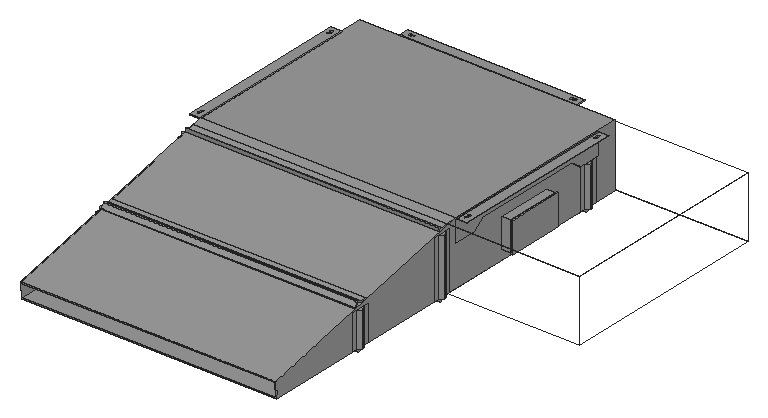
Revit family "Nuaire_IfcFanType_Svtc100", category Mechanical Equipment, Revit 2018
Family settings
  Round Connector Dimension = Use Diameter
  Part Type = Normal
  OmniClass Number = 23.75.00.00
  OmniClass Title = Climate Control (HVAC)
  Work Plane-Based = No
  Always vertical = No
  Cut with Voids When Loaded = No
  Shared = No
  Room Calculation Point = No
Parameters (values of type "SVTC8-100")
  Width = 1185.00 mm  # constant formula
  Weight = 165.00 kg  # constant formula
  Weekly = "SFG20 20-03"  # constant formula
  Warranty ID [instance] = ""
  Voltage = if(Supply Phase = 3, 400.00 V, 230.00 V)  # 400.00 V
  Temperature Rating = "400°C for 2hrs"
  Supply Phase = 3  # constant formula
  Starting Current = 30.16 A
  Revit Family Last Revised = "2021-09-28T09:40:00"  # constant formula
  Responsible Sourcing of Materials = "FSC"  # constant formula
  Responsible Extraction of Materials = "n/a"  # constant formula
  Reference Standard = "ISO 9001:2015"  # constant formula
  Quote Reference [instance] = ""
  Quarterly = "SFG20 20-03"  # constant formula
  Project Reference [instance] = ""
  Product Range = "SVTC"  # constant formula
  Product Literature = "http://www.nuaire.info/catalogue/SmokeFans-SVT.pdf"
  Power Source = "Mains"  # constant formula
  Overall Width = 1254.00 mm  # constant formula
  Overall Length = 1966.00 mm  # constant formula
  Order Reference [instance] = ""
  Operation and Maintenance Manual = "http://nuaire.info/IandM/671711.pdf"
  OmniClass Title = "Single Inlet Centrifugal Fans"  # constant formula
  OmniClass Number = "23-33 31 19 13 15"  # constant formula
  Number of Motor Poles = 4
  Number of Connection Poles = 3  # constant formula
  Nominal Motor Speed (rpm) = 1435
  Nominal Motor Rating = 2.200 kW
  Monthly = "SFG20 20-03"  # constant formula
  Material Ingredient Reporting = "n/a"  # constant formula
  Maintenance Required 8001 to 12000hrs = "http://nuaire.info/IandM/671711.pdf"
  Maintenance Required 601 to 1000hrs = "http://nuaire.info/IandM/671711.pdf"
  Maintenance Required 4001 to 8000hrs = "http://nuaire.info/IandM/671711.pdf"
  Maintenance Required 301 to 600hrs = "http://nuaire.info/IandM/671711.pdf"
  Maintenance Required 2001 to 4000hrs = "http://nuaire.info/IandM/671711.pdf"
  Maintenance Required 1001 to 2000hrs = "http://nuaire.info/IandM/671711.pdf"
  Maintenance Required 0 to 300hrs = "http://nuaire.info/IandM/671711.pdf"
  Location of Manufacturer = "51.571856, -3.232638"  # constant formula
  Location Reference [instance] = ""
  Life Cycle Analysis = 0
  Length = 1916.00 mm  # constant formula
  Show Access Clearance [instance] = yes
  Model Drawn by = "Michael Grote"  # constant formula
  IFCExportType = "CENTRIFUGALBACKWARDINCLINEDCURVED"  # constant formula
  IFCExportAs = "IfcFanType"  # constant formula
  I&M Manual = "http://nuaire.info/IandM/671711.pdf"
  Height = 320.00 mm  # constant formula
  Gross Weight = Weight  # 165.00 kg
  Green Guide for Specification = "n/a"  # constant formula
  Full Load Current = 5.80 A
  URL = "http://www.nuaire.co.uk"
  Warranty Period = "3 Years"  # constant formula
  Weatherproof or Internal Only = "Internal"  # constant formula
  Manufacturer = "Nuaire"  # constant formula
  Frequency = 50.00 Hz  # constant formula
  Fire Control Panel Links = no
  Features = ""
  Expected Life = "n/a"  # constant formula
  Environmental Product Declaration = "WEEE, RoHS"  # constant formula
  Energy Technology List = "n/a"  # constant formula
  Enclosure Rating = "Not Rated"  # constant formula
  Embodied Carbon = "n/a"  # constant formula
  Description = "Car Park Impulse Fan"  # constant formula
  Daily = "SFG20 20-03"  # constant formula
  Classification.Uniclass.Pr.Number = "Centrifugal fans"  # constant formula
  Classification.Uniclass.Pr.Description = "Pr_65_67_29_12"  # constant formula
  Catalogue Pages = "http://www.nuaire.info/catalogue/SmokeFans-SVT.pdf"
  COBie.Type.WarrantyGuarantorParts = Manufacturer  # "Nuaire"
  COBie.Type.WarrantyGuarantorLabor = Manufacturer  # "Nuaire"
  COBie.Type.WarrantyDurationUnit = "Year"  # constant formula
  COBie.Type.WarrantyDurationParts = "3"  # constant formula
  COBie.Type.WarrantyDurationLabor = "1"  # constant formula
  COBie.Type.WarrantyDescription = "3 Years.  1st year parts and labour, remaining 2 years parts only"  # constant formula
  COBie.Type.SustainabilityPerformance = ""
  COBie.Type.Size = ""
  COBie.Type.Shape = ""
  COBie.Type.ReplacementCost = 0
  COBie.Type.NominalWidth = Width  # 1185.00 mm
  COBie.Type.NominalLength = Length  # 1916.00 mm
  COBie.Type.NominalHeight = Height  # 320.00 mm
  COBie.Type.Name = Model  # "SVTC8-100"
  COBie.Type.ModelReference = Model  # "SVTC8-100"
  COBie.Type.ModelNumber = Model  # "SVTC8-100"
  COBie.Type.Material = "Galvanised Steel"  # constant formula
  COBie.Type.Manufacturer = Manufacturer  # "Nuaire"
  COBie.Type.Length = Length  # 1916.00 mm
  COBie.Type.Grade = ""
  COBie.Type.Finish = ""
  COBie.Type.Features = ""
  COBie.Type.ExternalIdentifier = ""
  COBie.Type.ExpectedLife = ""
  COBie.Type.DurationUnit = "Year"  # constant formula
  COBie.Type.Description = Description  # "Car Park Impulse Fan"
  COBie.Type.CreatedOn = Revit Family Last Revised  # "2021-09-28T09:40:00"
  COBie.Type.CreatedBy = Model Drawn by  # "Michael Grote"
  COBie.Type.Constituents = ""
  COBie.Type.Color = ""
  COBie.Type.CodePerformance = ""
  COBie.Type.Category = "Pr_65_67_29_12 : Centrifugal fans"  # constant formula
  COBie.Type.AssetType = ""
  COBie.Type.Area = 0.00 m²
  COBie.Type.AccessibilityPerformance = ""
  COBie.Type = yes
  COBie.ExternalIdentifier [instance] = ""
  COBie.CreatedOn [instance] = Revit Family Last Revised  # "2021-09-28T09:40:00"
  COBie.CreatedBy [instance] = Model Drawn by  # "Michael Grote"
  COBie.Component.WarrantyStartDate [instance] = "Commences on date of delivery"  # constant formula
  COBie.Component.TagNumber [instance] = ""
  COBie.Component.Space [instance] = ""
  COBie.Component.SerialNumber [instance] = ""
  COBie.Component.Name [instance] = Model  # "SVTC8-100"
  COBie.Component.Length [instance] = Length  # 1916.00 mm
  COBie.Component.InstallationDate [instance] = ""
  COBie.Component.Description [instance] = Description  # "Car Park Impulse Fan"
  COBie.Component.BarCode [instance] = ""
  COBie.Component.AssetIdentifier [instance] = ""
  COBie.Component.Area [instance] = 0.00 m²
  COBie [instance] = yes
  CE Approval = "Yes"  # constant formula
  Bespoke Timeframe = "n/a"  # constant formula
  Battery Type = "n/a"  # constant formula
  Battery Supply = no
  BMS Links = no
  Apparent Load = Voltage * Full Load Current  # 2320 VA
  Annually = "SFG20 20-03"  # constant formula
  Air Flow [instance] = 0.000 m³/s
  Address = "Western Industrial Estate, Caerphilly, UK"  # constant formula
  Postcode = "CF83 1NA"  # constant formula
  Telephone Number = "+44(0)2920-858-200"  # constant formula
  Fax Number = "+44(0)2920-858-222"  # constant formula
  Email Address = "bim@nuaire.co.uk"  # constant formula
  Model = "SVTC8-100"
  Access Clearance Left = 600.00 mm  # constant formula
  6 Monthly = "SFG20 20-03"  # constant formula
Types (4, lengths in mm): name | Temperature Rating | Starting Current | Operation and Maintenance Manual | Maintenance Required 8001 to 12000hrs | Maintenance Required 601 to 1000hrs | Maintenance Required 4001 to 8000hrs | Maintenance Required 301 to 600hrs | Maintenance Required 2001 to 4000hrs | Maintenance Required 1001 to 2000hrs | Maintenance Required 0 to 300hrs | I&M Manual | Full Load Current | COBie.Type.Name | COBie.Type.ModelReference | COBie.Type.ModelNumber | COBie.Component.Name | Apparent Load | Air Flow | Model
  SVTC-100 | "300°C for 2hrs" | 30.16 A | "http://nuaire.info/IandM/671635.pdf" | "http://nuaire.info/IandM/671635.pdf" | "http://nuaire.info/IandM/671635.pdf" | "http://nuaire.info/IandM/671635.pdf" | "http://nuaire.info/IandM/671635.pdf" | "http://nuaire.info/IandM/671635.pdf" | "http://nuaire.info/IandM/671635.pdf" | "http://nuaire.info/IandM/671635.pdf" | "http://nuaire.info/IandM/671635.pdf" | 5.80 A | "SVCT-100" | "SVCT-100" | "SVCT-100" | "SVCT-100" | 2320 VA | 0.000 m³/s | "SVCT-100"
  SVTC-100T8 | "300°C for 2hrs" | 30.20 A | "http://nuaire.info/IandM/671635.pdf" | "http://nuaire.info/IandM/671635.pdf" | "http://nuaire.info/IandM/671635.pdf" | "http://nuaire.info/IandM/671635.pdf" | "http://nuaire.info/IandM/671635.pdf" | "http://nuaire.info/IandM/671635.pdf" | "http://nuaire.info/IandM/671635.pdf" | "http://nuaire.info/IandM/671635.pdf" | "http://nuaire.info/IandM/671635.pdf" | 6.03 A | "SVTC-100T8" | "SVTC-100T8" | "SVTC-100T8" | "SVTC-100T8" | 2412 VA | 2.690 m³/s | "SVTC-100T8"
  SVTC8-100T8 | "400°C for 2hrs" | 30.20 A | "http://nuaire.info/IandM/671711.pdf" | "http://nuaire.info/IandM/671711.pdf" | "http://nuaire.info/IandM/671711.pdf" | "http://nuaire.info/IandM/671711.pdf" | "http://nuaire.info/IandM/671711.pdf" | "http://nuaire.info/IandM/671711.pdf" | "http://nuaire.info/IandM/671711.pdf" | "http://nuaire.info/IandM/671711.pdf" | "http://nuaire.info/IandM/671711.pdf" | 6.03 A | "SVTC8-100T8" | "SVTC8-100T8" | "SVTC8-100T8" | "SVTC8-100T8" | 2412 VA | 0.000 m³/s | "SVTC8-100T8"
  SVTC8-100 | "400°C for 2hrs" | 30.16 A | "http://nuaire.info/IandM/671711.pdf" | "http://nuaire.info/IandM/671711.pdf" | "http://nuaire.info/IandM/671711.pdf" | "http://nuaire.info/IandM/671711.pdf" | "http://nuaire.info/IandM/671711.pdf" | "http://nuaire.info/IandM/671711.pdf" | "http://nuaire.info/IandM/671711.pdf" | "http://nuaire.info/IandM/671711.pdf" | "http://nuaire.info/IandM/671711.pdf" | 5.80 A | "SVTC8-100" | "SVTC8-100" | "SVTC8-100" | "SVTC8-100" | 2320 VA | 0.000 m³/s | "SVTC8-100"
Reference planes
  plane 1 "Center (Front/Back)": y = 0
  plane 2: z = 0
  plane 3 "Center (Left/Right)": x = 0
Dimensions and locks
  aligned and locked: level to plane 2
Nested families
  nested 1: "SVTC100" at (0, -420, 0) x (1, 0, 0) z (0, 0, -1), type "SVTC16-100"
Connectors
  electrical at (619.8, 13.25, -171.1), driven by "Voltage", driven by "Number of Connection Poles", driven by "Apparent Load"
    settings: on nested 1, index 2, voltage 400.00 V, apparent load 2320 VA, apparent load phase1 0 VA, apparent load phase2 0 VA, apparent load phase3 0 VA, power factor 1, load classification "Other", number of poles 3, system type 30, power factor state 1, is connector primary yes, connector utility no, sub classification motor no, connector description "Power Supply"
Definition of nested family "SVTC100"
  Parameters (values of type "SVTC16-100")
    Nuaire Quote/Order Reference = ""
    Quote/Order Location Reference = ""
    Length = 1900.60 mm
    Width = 1150.00 mm
    Height = 282.00 mm
    Show Access Clearance = yes
    Nuaire Model Code = "SVTC8-100T8"
    Weight = 195.00 kg
    Model Drawn by = "Michael Grote"  # constant formula
    URL = "http://www.nuaire.co.uk"
    Unit Description = "Car Park Impulse Fan"
    Warranty Period = "3 Years"
    Weatherproof or Internal Only = "Internal"
    Manufacturer = Manufacturer Name  # "Nuaire Group"
    Catalogue Pages = "http://www.nuaire.info/catalogue/SmokeFans-SVT.pdf"
    I&M Manual = "http://www.nuaire.info/iandm/671401.pdf"
    Description = Unit Description  # "Car Park Impulse Fan"
    Manufacturer Name = "Nuaire Group"  # constant formula
    Address = "Western Industrial Estate, Caerphilly, UK"  # constant formula
    Postcode = "CF83 1NA"  # constant formula
    Telephone Number = "+44(0)2920-858-200"  # constant formula
    Fax Number = "+44(0)2920-858-222"  # constant formula
    Email Address = "info@nuaire.co.uk"  # constant formula
    VAT Registration Number = "877308"  # constant formula
    Model = Nuaire Model Code  # "SVCT-100/16"
  Reference planes
    plane 1 "Center (Front/Back)": y = 0
    plane 2: z = 0
    plane 3 "Center (Left/Right)": x = 0
    plane 4: x = 202.75
    plane 5: x = 162.25
  Forms (mm)
    Extrusion 1, solid
      sketch origin (0, 0, 0) x (0, 1, 0) y (0, 0, 1)
        loop
          line (958.475, 285.3) -> (-950.3, 285.3) -> (-950.3, 0) -> (-49.817, 0) -> (965.443, 213.949) -> (958.475, 285.3)
      from -575 to 575
    Extrusion 2, void
      sketch origin (0, 0, 0) x (0, 1, 0) y (0, 0, 1)
        loop
          line (965.057, 217.896) -> (958.7, 283) -> (215.551, 283) -> (215.551, 59.95) -> (965.057, 217.896)
      from -572 to 572
    Extrusion 3, solid
      sketch origin (0, -156.103, 0) x (1, 0, 0) y (0, 0, 1)
        loop
          arc (575, 4) -> (576.172, 1.172) -> (579, 0) r 4
          line (579, 0) -> (625, 0) -> (625, 3) -> (579, 3)
          arc (579, 3) -> (578.293, 3.293) -> (578, 4) r 1
          line (578, 4) -> (578, 100) -> (575, 100) -> (575, 4)
      from -106.153 to 693.847
    Extrusion 4, void
      sketch origin (0, -156.103, 0) x (1, 0, 0) y (0, 1, 0)
        loop
          arc (608.35, -652.347) -> (602, -645.997) -> (595.65, -652.347) r 6.35
          line (595.65, -652.347) -> (595.65, -665.347)
          arc (595.65, -665.347) -> (602, -671.697) -> (608.35, -665.347) r 6.35
          line (608.35, -665.347) -> (608.35, -652.347)
      from 0 to 3
    Extrusion 5, void
      sketch origin (0, 573.897, 0) x (1, 0, 0) y (0, 1, 0)
        loop
          arc (608.35, -652.347) -> (602, -645.997) -> (595.65, -652.347) r 6.35
          line (595.65, -652.347) -> (595.65, -665.347)
          arc (595.65, -665.347) -> (602, -671.697) -> (608.35, -665.347) r 6.35
          line (608.35, -665.347) -> (608.35, -652.347)
      from 0 to 3
    Extrusion 6, solid
      sketch origin (0, -156.103, 0) x (-1, 0, 0) y (0, 0, -1)
        loop
          line (575, -4) -> (575, -100) -> (578, -100) -> (578, -4)
          arc (578, -4) -> (578.293, -3.293) -> (579, -3) r 1
          line (579, -3) -> (625, -3) -> (625, 0) -> (579, 0)
          arc (579, 0) -> (576.172, -1.172) -> (575, -4) r 4
      from -106.153 to 693.847
    Extrusion 7, void
      sketch origin (0, -156.103, 0) x (-1, 0, 0) y (0, -1, 0)
        loop
          line (608.35, 652.347) -> (608.35, 665.347)
          arc (608.35, 665.347) -> (602, 671.697) -> (595.65, 665.347) r 6.35
          line (595.65, 665.347) -> (595.65, 652.347)
          arc (595.65, 652.347) -> (602, 645.997) -> (608.35, 652.347) r 6.35
      from 0 to 3
    Extrusion 8, void
      sketch origin (0, 573.897, 0) x (-1, 0, 0) y (0, -1, 0)
        loop
          line (608.35, 652.347) -> (608.35, 665.347)
          arc (608.35, 665.347) -> (602, 671.697) -> (595.65, 665.347) r 6.35
          line (595.65, 665.347) -> (595.65, 652.347)
          arc (595.65, 652.347) -> (602, 645.997) -> (608.35, 652.347) r 6.35
      from 0 to 3
    Extrusion 9, solid
      sketch origin (293.847, -375.3, 0.5) x (0, -1, 0) y (0, 0, 1)
        loop
          arc (575, 4) -> (576.172, 1.172) -> (579, 0) r 4
          line (579, 0) -> (625, 0) -> (625, 3) -> (579, 3)
          arc (579, 3) -> (578.293, 3.293) -> (578, 4) r 1
          line (578, 4) -> (578, 100) -> (575, 100) -> (575, 4)
      from -106.153 to 693.847
    Extrusion 10, void
      sketch origin (0, 0, 0) x (1, 0, 0) y (0, 1, 0)
        loop
          arc (358.5, -970.997) -> (352.15, -977.347) -> (358.5, -983.697) r 6.35
          line (358.5, -983.697) -> (371.5, -983.697)
          arc (371.5, -983.697) -> (377.85, -977.347) -> (371.5, -970.997) r 6.35
          line (371.5, -970.997) -> (358.5, -970.997)
      from 0.5 to 3.5
    Extrusion 11, void
      sketch origin (-730, 0, 0) x (1, 0, 0) y (0, 1, 0)
        loop
          arc (358.5, -970.997) -> (352.15, -977.347) -> (358.5, -983.697) r 6.35
          line (358.5, -983.697) -> (371.5, -983.697)
          arc (371.5, -983.697) -> (377.85, -977.347) -> (371.5, -970.997) r 6.35
          line (371.5, -970.997) -> (358.5, -970.997)
      from 0.5 to 3.5
    Extrusion 12, solid
      sketch origin (0, 130.697, 0) x (1, 0, 0) y (0, 1, 0)
        loop
          line (575, -437.647) -> (575, -690.347) -> (619.8, -690.347) -> (619.8, -437.647) -> (575, -437.647)
      from 105.2 to 237
    Extrusion 13, solid
      sketch origin (0, 130.697, 0) x (1, 0, 0) y (0, 1, 0)
        loop
          line (619.8, -435.047) -> (619.8, -692.847) -> (627.7, -692.847) -> (627.7, -435.047) -> (619.8, -435.047)
      from 102.2 to 240
    Revolve 14, solid
      sketch origin (162.25, 0, 0) x (0, 1, 0) y (0, 0, 1)
        loop
          line (-69.63, 284) -> (-69.63, 303.15) -> (-126.956, 303.15) -> (-299.46, 320.623) -> (-380.847, 320.623) -> (-380.847, 284) -> (-69.63, 284)
        axis (-380.847, 320.623) -> (-380.847, 284)
      angle from 0 to 360
    Extrusion 15, void
      sketch origin (0, -156.15, 0) x (0, 1, 0) y (0, 0, 1)
        loop
          line (6.2, 100) -> (-593.8, 100) -> (-543.8, 60) -> (-43.8, 60) -> (6.2, 100)
      from -625 to 625
    Extrusion 16, solid, visible <- "Show Access Clearance"
      sketch origin (575, 0, 0) x (0, 1, 0) y (0, 0, 1)
        loop
          line (0, 282) -> (-950.3, 282) -> (-950.3, 3) -> (0, 3) -> (0, 282)
      from 0 to 600
    Extrusion 17, solid, detail levels medium+fine
      sketch origin (0, 0, 0) x (0, 1, 0) y (0, 0, 1)
        loop
          line (-749.8, 285.3) -> (-749.8, 288.3) -> (-769.8, 288.3) -> (-789.705, 302.238)
          arc (-789.705, 302.238) -> (-792, 302.961) -> (-794.294, 302.238) r 4
          line (-794.294, 302.238) -> (-814.199, 288.3) -> (-834.199, 288.3) -> (-834.199, 285.3) -> (-749.8, 285.3)
        loop
          line (73.114, 285.3) -> (73.114, 288.3) -> (53.114, 288.3) -> (33.209, 302.238)
          arc (33.209, 302.238) -> (30.915, 302.961) -> (28.62, 302.238) r 4
          line (28.62, 302.238) -> (8.715, 288.3) -> (-11.285, 288.3) -> (-11.285, 285.3) -> (73.114, 285.3)
        loop
          line (535.099, 288.3) -> (515.099, 288.3) -> (495.194, 302.238)
          arc (495.194, 302.238) -> (492.9, 302.961) -> (490.605, 302.238) r 4
          line (490.605, 302.238) -> (470.7, 288.3) -> (450.7, 288.3) -> (450.7, 285.3) -> (535.099, 285.3) -> (535.099, 288.3)
        loop
          line (452.123, 102.709) -> (472.001, 106.898) -> (494.127, 97.461)
          arc (494.127, 97.461) -> (496.521, 97.226) -> (498.617, 98.407) r 4
          line (498.617, 98.407) -> (515.835, 116.807) -> (513.644, 118.857) -> (495.948, 99.946) -> (472.308, 110.029) -> (451.504, 105.645) -> (452.123, 102.709)
        loop
          line (-7.631, 5.824) -> (32.488, 14.278) -> (35.478, 0.09) -> (38.414, 0.709) -> (34.805, 17.833) -> (-8.249, 8.76) -> (-7.631, 5.824)
      from -571.5 to 571.5
    Extrusion 18, solid, detail levels medium+fine
      sketch origin (0, 0, 0) x (1, 0, 0) y (0, 1, 0)
        loop
          line (-575, -749.95) -> (-578, -749.95) -> (-578, -769.8) -> (-591.938, -789.705)
          arc (-591.938, -789.705) -> (-592.661, -792) -> (-591.938, -794.294) r 4
          line (-591.938, -794.294) -> (-578, -814.199) -> (-578, -834.199) -> (-575, -834.199) -> (-575, -749.95)
        loop
          line (575, -749.95) -> (575, -834.199) -> (578, -834.199) -> (578, -814.199) -> (591.938, -794.294)
          arc (591.938, -794.294) -> (592.661, -792) -> (591.938, -789.705) r 4
          line (591.938, -789.705) -> (578, -769.8) -> (578, -749.95) -> (575, -749.95)
      from 101.3 to 281.8
    Extrusion 19, solid, detail levels medium+fine
      sketch origin (0, 822.914, 0) x (1, 0, 0) y (0, 1, 0)
        loop
          line (-575, -749.95) -> (-578, -749.95) -> (-578, -769.8) -> (-591.938, -789.705)
          arc (-591.938, -789.705) -> (-592.661, -792) -> (-591.938, -794.294) r 4
          line (-591.938, -794.294) -> (-578, -814.199) -> (-578, -834.199) -> (-575, -834.199) -> (-575, -749.95)
        loop
          line (575, -749.95) -> (575, -834.199) -> (578, -834.199) -> (578, -814.199) -> (591.938, -794.294)
          arc (591.938, -794.294) -> (592.661, -792) -> (591.938, -789.705) r 4
          line (591.938, -789.705) -> (578, -769.8) -> (578, -749.95) -> (575, -749.95)
      from 25.141 to 281.8
    Extrusion 20, solid, detail levels medium+fine
      sketch origin (0, 1284.899, 0) x (1, 0, 0) y (0, 1, 0)
        loop
          line (-575, -749.95) -> (-578, -749.95) -> (-578, -769.8) -> (-591.938, -789.705)
          arc (-591.938, -789.705) -> (-592.661, -792) -> (-591.938, -794.294) r 4
          line (-591.938, -794.294) -> (-578, -814.199) -> (-578, -834.199) -> (-575, -834.199) -> (-575, -749.95)
        loop
          line (575, -749.95) -> (575, -834.199) -> (578, -834.199) -> (578, -814.199) -> (591.938, -794.294)
          arc (591.938, -794.294) -> (592.661, -792) -> (591.938, -789.705) r 4
          line (591.938, -789.705) -> (578, -769.8) -> (578, -749.95) -> (575, -749.95)
      from 124.132 to 281.8
  Cuts and joins
    Extrusion 2 cuts Extrusion 1
    Extrusion 4, Extrusion 5, Extrusion 7, Extrusion 8, Extrusion 15 cuts Extrusion 3
    Extrusion 7, Extrusion 8, Extrusion 15 cuts Extrusion 6
    Extrusion 10, Extrusion 11 cuts Extrusion 9
  Dimensions and locks
    aligned and locked: level to plane 2
  Nested families
    nested 1: "label_nuaire_logo" at (-5, -489.8, 0) x (1, 0, 0) z (0, 0, -1), type "label_nuaire_logo"
      with Scale Factor 929.128 mm, Actual Scale 325.195 mm
  Definition of nested family "label_nuaire_logo"
    Parameters
      Scale Factor [instance] = Scale * 452  # 452.00 mm
      Scale = 1.00 mm
      Default Elevation = 1219.20 mm
      Actual Scale [instance] = Scale Factor * 0.35  # 158.20 mm
    Reference planes
      plane 1 "Center (Front/Back)": y = 0
      plane 2: z = 0
      plane 3 "Center (Left/Right)": x = 0
    Lines and regions (mm)
      reference lines
        curve 1: line (79.1, -32.13, 0) -> (79.1, 30, 0)
        curve 2: line (-79.1, -32.13, 0) -> (-79.1, 30, 0)
    Dimensions and locks
      equal spacing: curve 2, plane 3 "Center (Left/Right)", curve 1
      "Actual Scale": curve 2 to curve 1
      aligned and locked: level to plane 2
    Automatic sketch dimensions
      plane 1 "Center (Front/Back)" to curve 2 = 32.13 mm
      plane 1 "Center (Front/Back)" to curve 1 = 32.13 mm
      curve 2 to plane 1 "Center (Front/Back)" = 30.00 mm
      curve 1 to plane 1 "Center (Front/Back)" = 30.00 mm
    Nested families
      nested 1: "logo_stage2" at (10, 0, 0), type "logo_stage2"
    Definition of nested family "logo_stage2"
      Parameters
        Height = 452.00 mm
      Reference planes
        plane 1 "Center (Front/Back)": y = 0
        plane 2: z = 0
        plane 3 "Center (Left/Right)": x = 0
      Dimensions and locks
        aligned and locked: level to plane 2
      Nested families
        nested 1: "logo_stage1" at (0, 0, 0), type "logo_stage1"
      Definition of nested family "logo_stage1"
        Parameters
          Height = 1300.00 mm
        Reference planes
          plane 1 "Center (Front/Back)": y = 0
          plane 2: z = 0
          plane 3 "Center (Left/Right)": x = 0
        Lines and regions (mm)
          model lines
            curve 1: arc (7.927, 29.489, 0) -> (-47.363, 58.16, 0) -> (-106.604, 77.382, 0) r 378.77
            curve 2: arc (-106.604, 77.382, 0) -> (-163.216, 86.224, 0) -> (-220.277, 81.007, 0) r 233.393
            curve 3: arc (-246.965, 20.991, 0) -> (-215.043, -15.792, 0) -> (-174.42, -42.657, 0) r 179.785
            curve 4: arc (-174.42, -42.657, 0) -> (-107.072, -70.342, 0) -> (-36.955, -89.99, 0) r 623.693
            curve 5: arc (-36.955, -89.99, 0) -> (-105.996, -69.023, 0) -> (-170.812, -37.319, 0) r 451.207
            curve 6: arc (-170.812, -37.319, 0) -> (-200.304, -16.562, 0) -> (-226.197, 8.542, 0) r 230.474
            curve 7: arc (-206.815, 72.232, 0) -> (-163.659, 78.527, 0) -> (-120.226, 74.571, 0) r 185.468
            curve 8: arc (-120.226, 74.571, 0) -> (-54.126, 57.782, 0) -> (7.927, 29.489, 0) r 381.393
            curve 9: line (-161.219, -24.259, 0) -> (-141.514, -24.259, 0)
            curve 10: line (-141.514, -24.259, 0) -> (-136.798, 0, 0)
            curve 11: arc (-136.798, 0, 0) -> (-133.437, 8.115, 0) -> (-125.322, 11.477, 0) r 11.477
            curve 12: arc (-125.322, 11.477, 0) -> (-118.479, 7.762, 0) -> (-117.869, 0, 0) r 8.158
            curve 13: line (-117.869, 0, 0) -> (-122.146, -24.259, 0)
            curve 14: line (-122.146, -24.259, 0) -> (-102.441, -24.259, 0)
            curve 15: line (-102.441, -24.259, 0) -> (-97.309, 4.849, 0)
            curve 16: arc (-97.309, 4.849, 0) -> (-99.379, 18.095, 0) -> (-110.885, 24.977, 0) r 15.794
            curve 17: arc (-110.885, 24.977, 0) -> (-122.995, 23.787, 0) -> (-133.701, 18.002, 0) r 30.821
            curve 18: line (-133.701, 18.002, 0) -> (-132.598, 24.255, 0)
            curve 19: line (-161.219, -24.259, 0) -> (-152.664, 24.255, 0)
            curve 20: line (-152.664, 24.255, 0) -> (-132.598, 24.255, 0)
            curve 21: line (-80.79, 24.255, 0) -> (-86.175, -3.448, 0)
            curve 22: arc (-86.175, -3.448, 0) -> (-83.467, -16.761, 0) -> (-72.138, -24.259, 0) r 17.751
            curve 23: arc (-72.138, -24.259, 0) -> (-59.938, -25.434, 0) -> (-47.739, -24.259, 0) r 63.934
            curve 24: arc (-47.739, -24.259, 0) -> (-34.611, -17.57, 0) -> (-27.023, -4.941, 0) r 26.727
            curve 25: line (-27.023, -4.941, 0) -> (-21.348, 24.255, 0)
            curve 26: line (-21.348, 24.255, 0) -> (-41.053, 24.255, 0)
            curve 27: line (-41.053, 24.255, 0) -> (-46.093, -1.676, 0)
            curve 28: arc (-46.093, -1.676, 0) -> (-50.186, -8.91, 0) -> (-57.808, -12.224, 0) r 13.097
            curve 29: arc (-57.808, -12.224, 0) -> (-64.693, -9.158, 0) -> (-65.742, -1.695, 0) r 7.773
            curve 30: line (-65.742, -1.695, 0) -> (-61.166, 24.255, 0)
            curve 31: line (-61.166, 24.255, 0) -> (-80.79, 24.255, 0)
            curve 32: arc (31.54, 19.236, 0) -> (16.208, 25.528, 0) -> (0, 22.075, 0) r 28.07
            curve 33: arc (0, 22.075, 0) -> (-10.88, 12.774, 0) -> (-17.338, 0, 0) r 36.434
            curve 34: arc (-17.338, 0, 0) -> (-15.613, -14.796, 0) -> (-4.047, -24.183, 0) r 19.761
            curve 35: arc (-4.047, -24.183, 0) -> (10.741, -24.948, 0) -> (24.166, -18.699, 0) r 30.688
            curve 36: line (24.166, -18.699, 0) -> (23.117, -24.098, 0)
            curve 37: line (23.117, -24.098, 0) -> (43.271, -24.098, 0)
            curve 38: line (43.271, -24.098, 0) -> (51.797, 24.255, 0)
            curve 39: line (51.797, 24.255, 0) -> (32.515, 24.255, 0)
            curve 40: line (32.515, 24.255, 0) -> (31.54, 19.236, 0)
            curve 41: arc (27.176, -3.213, 0) -> (27.314, 5.536, 0) -> (19.984, 10.314, 0) r 9.053
            curve 42: arc (19.984, 10.314, 0) -> (10.965, 8.578, 0) -> (4.044, 2.54, 0) r 17.627
            curve 43: arc (4.044, 2.54, 0) -> (3.437, -5.353, 0) -> (9.873, -9.961, 0) r 8.063
            curve 44: arc (9.873, -9.961, 0) -> (19.716, -9.642, 0) -> (27.176, -3.213, 0) r 14.789
            curve 45: line (64.987, 24.255, 0) -> (85.001, 24.255, 0)
            curve 46: line (85.001, 24.255, 0) -> (76.475, -24.098, 0)
            curve 47: line (76.475, -24.098, 0) -> (56.461, -24.098, 0)
            curve 48: line (56.461, -24.098, 0) -> (64.987, 24.255, 0)
            curve 49: line (97.733, 24.255, 0) -> (117.438, 24.255, 0)
            curve 50: line (117.438, 24.255, 0) -> (116.079, 16.546, 0)
            curve 51: arc (116.079, 16.546, 0) -> (127.306, 23.283, 0) -> (140.3, 24.886, 0) r 31.571
            curve 52: line (140.3, 24.886, 0) -> (137.316, 7.965, 0)
            curve 53: arc (137.316, 7.965, 0) -> (129.144, 9.507, 0) -> (120.972, 7.965, 0) r 22.429
            curve 54: arc (120.972, 7.965, 0) -> (114.704, 2.976, 0) -> (112.337, -4.677, 0) r 13.585
            curve 55: line (112.337, -4.677, 0) -> (108.912, -24.098, 0)
            curve 56: line (108.912, -24.098, 0) -> (89.207, -24.098, 0)
            curve 57: line (89.207, -24.098, 0) -> (97.733, 24.255, 0)
            curve 58: arc (93.618, 47.57, 0) -> (74.854, 53.038, 0) -> (55.359, 51.64, 0) r 55.33
            curve 59: arc (93.618, 47.57, 0) -> (97.282, 41.659, 0) -> (93.618, 35.747, 0) r 6.601
            curve 60: arc (93.618, 35.747, 0) -> (84.065, 32.23, 0) -> (73.978, 30.85, 0) r 47.065
            curve 61: arc (73.978, 30.85, 0) -> (80.846, 32.41, 0) -> (86.601, 36.47, 0) r 18.116
            curve 62: arc (86.601, 36.47, 0) -> (88.036, 41.905, 0) -> (84.218, 46.03, 0) r 5.836
            curve 63: arc (84.218, 46.03, 0) -> (70.224, 51.08, 0) -> (55.359, 51.64, 0) r 48.391
            curve 64: line (157.905, -2.864, 0) -> (199.286, -2.864, 0)
            curve 65: arc (199.286, -2.864, 0) -> (197.145, 14.652, 0) -> (182.34, 24.255, 0) r 20.852
            curve 66: arc (182.34, 24.255, 0) -> (165.366, 23.801, 0) -> (149.457, 17.863, 0) r 51.614
            curve 67: arc (149.457, 17.863, 0) -> (140.348, 5.451, 0) -> (139.348, -9.912, 0) r 27.469
            curve 68: arc (139.348, -9.912, 0) -> (144.958, -19.523, 0) -> (155.103, -24.098, 0) r 18.276
            curve 69: arc (155.103, -24.098, 0) -> (178.591, -23.478, 0) -> (196.981, -8.856, 0) r 37.046
            curve 70: line (196.981, -8.856, 0) -> (178.291, -8.856, 0)
            curve 71: arc (178.291, -8.856, 0) -> (168.439, -13.819, 0) -> (158.586, -8.856, 0) r 12.261
            curve 72: arc (158.586, -8.856, 0) -> (157.442, -5.951, 0) -> (157.905, -2.864, 0) r 6.023
            curve 73: line (199.286, -2.864, 0) -> (157.905, -2.864, 0)
            curve 74: line (159.772, 7.114, 0) -> (183.418, 7.114, 0)
            curve 75: arc (183.418, 7.114, 0) -> (171.595, 14.487, 0) -> (159.772, 7.114, 0) r 13.165
            curve 76: arc (-206.815, 72.232, 0) -> (-234.166, 45.761, 0) -> (-226.197, 8.542, 0) r 39.242
            curve 77: arc (-220.277, 81.007, 0) -> (-248.829, 57.762, 0) -> (-246.965, 20.991, 0) r 40.723
        Dimensions and locks
          aligned and locked: level to plane 2
